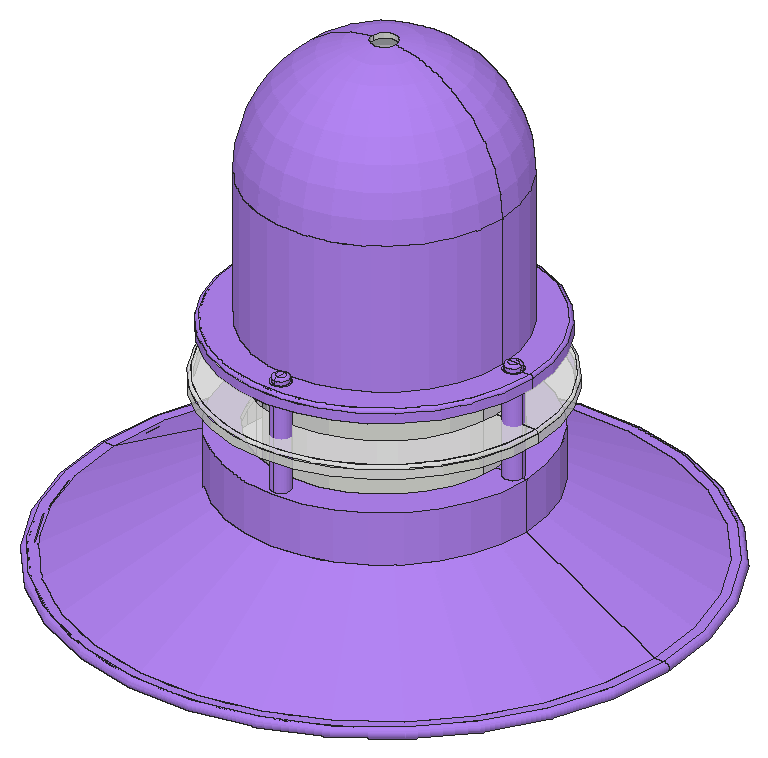
Revit family "UCP212 SHADE", category Lighting Fixtures, Revit 2024
Family settings
  Round Connector Dimension = Use Diameter
  Part Type = Normal
  OmniClass Number = 23.80.70.00
  OmniClass Title = Lighting
  Work Plane-Based = No
  Always vertical = Yes
  Cut with Voids When Loaded = No
  Light Source = Yes
  Maintain Annotation Orientation = No
  Shared = No
  Room Calculation Point = No
Parameters
  Wattage = 12.1178 W
  built-in parameter 1150110 = 1 (stored number, unit not read)
  built-in parameter 1114217 = 1 (stored number, unit not read)
  built-in parameter 1150109 = 1 (stored number, unit not read)
  built-in parameter 1150134 = (empty or 0)
  built-in parameter 1150113 = 1 (stored number, unit not read)
  Lumens = 1800 lm
  built-in parameter 1150115 = 1 (stored number, unit not read)
  built-in parameter 1150105 = 572.96 (stored number, unit not read)
  Light Source Symbol Size = 2' - 0"
  built-in parameter 1150137 = (empty or 0)
  built-in parameter 1150139 = (empty or 0)
  built-in parameter 1150112 = 1 (stored number, unit not read)
  built-in parameter 1150114 = 1 (stored number, unit not read)
  built-in parameter 1150132 = 2
  built-in parameter 1150102 = (empty or 0)
  built-in parameter 1150138 = (empty or 0)
  built-in parameter 1150107 = 3000 (stored number, unit not read)
  built-in parameter 1150106 = 5.7296 (stored number, unit not read)
  built-in parameter 1150104 = 13.8 (stored number, unit not read)
  Dimming Lamp Color Temperature Shift = (empty or 0)
  Default Elevation = 0' - 0"
  Color Filter = 16777215
  built-in parameter 1114218 = 1 (stored number, unit not read)
  built-in parameter 1150133 = 10 (stored number, unit not read)
Reference planes (in)
  plane 1 "Light Source Axis (F/B)": y = 0
  plane 2: z = 0
  plane 3 "Light Source Axis (L/R)": x = 0
  plane 4 "Light Source Elevation": z = 54
Forms (in)
  Revolve 1, solid
    sketch origin (0, 0, 0) x (1, 0, 0) y (0, 0, 1)
      loop
        line (-5.8002, 54.10625) -> (-5.68655, 54.10625) -> (-2.90625, 55.57827) -> (-2.90625, 56.51728) -> (-2.36335, 56.51728) -> (-2.36335, 56.61103) -> (-3, 56.61103) -> (-3, 55.63472) -> (-5.70984, 54.2) -> (-5.9, 54.2)
        arc (-5.9, 54.2) -> (-5.96847, 54.02711) -> (-5.8002, 54.10625) r 0.1
      loop
        line (-3.25, 57.375) -> (-3.15625, 57.375) -> (-3.15625, 57.53125) -> (-2.36335, 57.53125) -> (-2.36335, 57.625) -> (-3.1875, 57.625)
        arc (-3.1875, 57.625) -> (-3.23169, 57.60669) -> (-3.25, 57.5625) r 0.0625
        line (-3.25, 57.5625) -> (-3.25, 57.375)
      loop
        line (-3.125, 58.375) -> (-3.03125, 58.375) -> (-3.03125, 58.53125) -> (-2.40625, 58.53125) -> (-2.40625, 61.375)
        arc (-2.40625, 61.375) -> (-1.78768, 62.98566) -> (-0.25, 63.76823) r 2.40625
        line (-0.25, 63.76823) -> (-0.25, 63.86247)
        arc (-0.25, 63.86247) -> (-1.85405, 63.05205) -> (-2.5, 61.375) r 2.5
        line (-2.5, 61.375) -> (-2.5, 58.625) -> (-3.0625, 58.625)
        arc (-3.0625, 58.625) -> (-3.10669, 58.60669) -> (-3.125, 58.5625) r 0.0625
        line (-3.125, 58.5625) -> (-3.125, 58.375)
      loop
        line (-2.1, 59.21044) -> (-2.1, 53.8903)
        arc (-2.1, 53.8903) -> (-1.48492, 52.40537) -> (0, 51.7903) r 2.1
        line (0, 51.7903) -> (0, 51.88405)
        arc (0, 51.88405) -> (-1.41863, 52.47166) -> (-2.00625, 53.8903) r 2.00625
        line (-2.00625, 53.8903) -> (-2.00625, 59.21044) -> (-2.1, 59.21044)
      axis (0, 63.86247) -> (0, 51.7903)
    angle from 0 to 360
  Sweep 2, solid
    path origin (0, 0, 0) x (1, 0, 0) y (0, 0, 1)
      loop
        line (-2.72529, 56.61103) -> (-2.72529, 58.625)
    profile origin (-2.72529, 0, 57.61801) x (-1, 0, 0) y (0, -1, 0)
      loop
        circle (0, 0) r 0.1875
  Revolve 3, solid
    sketch origin (0, 0, 0) x (1, 0, 0) y (0, 0, 1)
      loop
        line (-2.72529, 58.625) -> (-2.72529, 58.73904) -> (-2.82891, 58.73904)
        arc (-2.82891, 58.73904) -> (-2.86416, 58.72444) -> (-2.87875, 58.6892) r 0.04984
        line (-2.87875, 58.6892) -> (-2.87875, 58.625) -> (-2.72529, 58.625)
      axis (-2.72529, 58.73904) -> (-2.72529, 58.625)
    angle from 0 to 360
  Sweep 4, solid
    path origin (0, 0, 0) x (0, -1, 0) y (0, 0, 1)
      loop
        line (-2.72529, 56.61103) -> (-2.72529, 58.625)
    profile origin (0, 2.72529, 57.61801) x (0, 1, 0) y (-1, 0, 0)
      loop
        circle (0, 0) r 0.1875
  Revolve 5, solid
    sketch origin (0, 0, 0) x (0, -1, 0) y (0, 0, 1)
      loop
        line (-2.72529, 58.625) -> (-2.72529, 58.73904) -> (-2.82891, 58.73904)
        arc (-2.82891, 58.73904) -> (-2.86416, 58.72444) -> (-2.87875, 58.6892) r 0.04984
        line (-2.87875, 58.6892) -> (-2.87875, 58.625) -> (-2.72529, 58.625)
      axis (-2.72529, 58.73904) -> (-2.72529, 58.625)
    angle from 0 to 360
  Sweep 6, solid
    path origin (0, 0, 0) x (0, 1, 0) y (0, 0, 1)
      loop
        line (-2.72529, 56.61103) -> (-2.72529, 58.625)
    profile origin (0, -2.72529, 57.61801) x (0, -1, 0) y (1, 0, 0)
      loop
        circle (0, 0) r 0.1875
  Revolve 7, solid
    sketch origin (0, 0, 0) x (0, 1, 0) y (0, 0, 1)
      loop
        line (-2.72529, 58.625) -> (-2.72529, 58.73904) -> (-2.82891, 58.73904)
        arc (-2.82891, 58.73904) -> (-2.86416, 58.72444) -> (-2.87875, 58.6892) r 0.04984
        line (-2.87875, 58.6892) -> (-2.87875, 58.625) -> (-2.72529, 58.625)
      axis (-2.72529, 58.73904) -> (-2.72529, 58.625)
    angle from 0 to 360
  Sweep 8, solid
    path origin (0, 0, 0) x (-1, 0, 0) y (0, 0, 1)
      loop
        line (-2.72529, 56.61103) -> (-2.72529, 58.625)
    profile origin (2.72529, 0, 57.61801) x (1, 0, 0) y (0, 1, 0)
      loop
        circle (0, 0) r 0.1875
  Revolve 9, solid
    sketch origin (0, 0, 0) x (-1, 0, 0) y (0, 0, 1)
      loop
        line (-2.72529, 58.625) -> (-2.72529, 58.73904) -> (-2.82891, 58.73904)
        arc (-2.82891, 58.73904) -> (-2.86416, 58.72444) -> (-2.87875, 58.6892) r 0.04984
        line (-2.87875, 58.6892) -> (-2.87875, 58.625) -> (-2.72529, 58.625)
      axis (-2.72529, 58.73904) -> (-2.72529, 58.625)
    angle from 0 to 360
Dimensions and locks (in)
  aligned and locked: plane 3 "Light Source Axis (L/R)" to imposter light
  aligned and locked: plane 1 "Light Source Axis (F/B)" to imposter light
  aligned and locked: plane 4 "Light Source Elevation" to imposter light
  aligned and locked: level to plane 2
